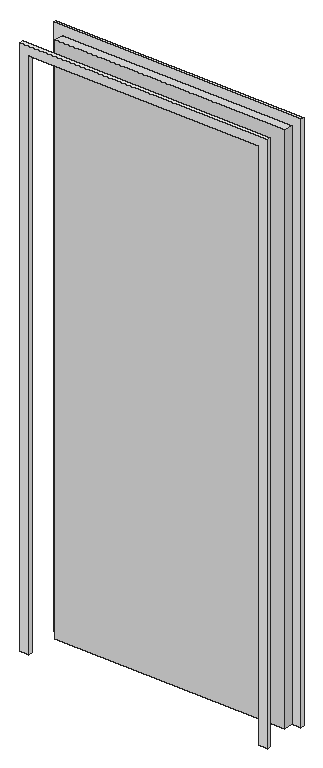
Revit family "Porta_Simples", category Doors, host Wall, Revit 2020
Family settings
  Host = Wall
  OmniClass Number = 23.30.10.00
  OmniClass Title = Doors
  Always vertical = Yes
  Cut with Voids When Loaded = No
  Shared = No
  Room Calculation Point = Yes
Parameters (values of type "POR_090x210_SIM_BOX_CEG_PNE")
  Thickness = 35.00 mm
  Function = Interior
  Door Material = Folha Porta
  Frame Material = Marco Porta
  Height = 2100.00 mm
  Trim Projection Ext = 12.50 mm
  Trim Projection Int = 12.50 mm
  Trim Width = 35.00 mm
  Wall Closure = By host
  Width = 900.00 mm
  Define Thermal Properties by = Schematic Type
  Analytic Construction = "<None>"
Types (12, lengths in mm): name | Thickness | Door Material | Frame Material | Trim Projection Ext | Trim Projection Int | Trim Width | Width
  POR_090x210_SIM_BOX_CEG_PNE | 35.00 | Folha Porta | Marco Porta | 12.50 | 12.50 | 35.00 | 900.00
  POR_110x210_SIM_INT_CEG | 51.00 | CT_Porta_Folha | CT_Porta_Marco | 12.50 | 12.50 | 35.00 | 1100.00
  POR_030x210_SIM_CEG | 35.00 | Folha Porta | Marco Porta | 10.00 | 10.00 | 30.00 | 300.00
  POR_090x210_SIM_INT_CEG | 35.00 | Folha Porta | Marco Porta | 12.50 | 12.50 | 35.00 | 900.00
  POR_040x210_SIM_CEG | 35.00 | Folha Porta | Marco Porta | 10.00 | 10.00 | 30.00 | 400.00
  POR_200x210_SIM_INT_CEG | 35.00 | Folha Porta | Marco Porta | 12.50 | 12.50 | 35.00 | 2000.00
  POR_150x210_SIM_INT_CEG | 35.00 | Folha Porta | Marco Porta | 12.50 | 12.50 | 35.00 | 1500.00
  POR_100x210_SIM_INT_CEG | 51.00 | CT_Porta_Folha | CT_Porta_Marco | 12.50 | 12.50 | 35.00 | 1000.00
  POR_120x210_SIM_INT_CEG | 35.00 | Folha Porta | Marco Porta | 12.50 | 12.50 | 35.00 | 1200.00
  POR_080x210_SIM_INT_CEG | 35.00 | CT_Porta_Folha | CT_Porta_Marco | 12.50 | 12.50 | 35.00 | 800.00
  POR_060x210_SIM_BOX_CEG | 35.00 | Folha Porta | Marco Porta | 12.50 | 12.50 | 35.00 | 600.00
  POR_070x210_SIM_INT_CEG | 35.00 | Folha Porta | Marco Porta | 12.50 | 12.50 | 35.00 | 700.00
Reference planes
  plane 1: y = 0
  plane 2: z = 0
  plane 3: x = 0
  plane 4: x = -450
  plane 5: x = 450
  plane 6: z = 2100
Forms (mm)
  Extrusion 1, solid, material "Folha Porta" <- "Door Material"
    sketch origin (0, 0, 0) x (1, 0, 0) y (0, 0, 1)
      loop
        line (-450, 2100) -> (-450, 0) -> (450, 0) -> (450, 2100) -> (-450, 2100)
    from -76.2 to -41.2
  Extrusion 2, solid, material "Marco Porta" <- "Frame Material"
    sketch origin (-1524, -76.2, 0) x (1, 0, 0) y (0, 0, 1)
      loop
        line (1039, 2135) -> (1039, 0) -> (1074, 0) -> (1074, 2100) -> (1974, 2100) -> (1974, 0) -> (2009, 0) -> (2009, 2135) -> (1039, 2135)
    from 0 to 12.5
  Extrusion 3, solid, material "Marco Porta" <- "Frame Material"
    sketch origin (-1524, 76.2, 0) x (-1, 0, 0) y (0, 0, 1)
      loop
        line (-2009, 2135) -> (-2009, 0) -> (-1974, 0) -> (-1974, 2100) -> (-1074, 2100) -> (-1074, 0) -> (-1039, 0) -> (-1039, 2135) -> (-2009, 2135)
    from 0 to 12.5
Lines and regions (mm)
  Opening 1
    outline origin (-1524, -76.2, 3657.6) x (0, 0, -1) y (1, 0, 0)
      loop
        line (1557.6, 1074) -> (3657.6, 1074) -> (3657.6, 1974) -> (1557.6, 1974) -> (1557.6, 1074)
  symbolic lines, style "DoorsPanelProjection"
    curve 1: line (450, 76.2, 0) -> (415, 76.2, 0)
    curve 2: line (450, 76.2, 0) -> (450, 977.212, 0)
    curve 3: line (450, 977.212, 0) -> (415, 977.212, 0)
    curve 4: line (415, 76.2, 0) -> (415, 977.212, 0)
  model lines, style "DoorsFrameMullionProjection"
    curve 5: line (-485, -76.2, 0) -> (-485, -76.2, 2135)
    curve 6: line (-485, -76.2, 2135) -> (485, -76.2, 2135)
    curve 7: line (485, -76.2, 2135) -> (485, -76.2, 0)
    curve 8: line (485, 76.2, 0) -> (485, 76.2, 2135)
    curve 9: line (-485, 76.2, 2135) -> (485, 76.2, 2135)
    curve 10: line (-485, 76.2, 2135) -> (-485, 76.2, 0)
  symbolic lines, style "Plan Swing"
    curve 11: arc (415, 977.212, 0) -> (-199.849, 701.295, 0) -> (-451.691, 76.2, 0) r 901.691
Dimensions and locks
  equal spacing: plane 4, plane 3, plane 5
  "Width": plane 4 to plane 5
  locked: host wall to curve 1
  control icon elem to plane 5 = 254.408 mm
  "Height": plane 6 to plane 2
  "Trim Width": plane 4 to curve 5
  "Trim Width": plane 5 to curve 7
  "Trim Width": plane 6 to curve 6
  locked: curve 9 to host wall
  "Trim Projection Ext": Extrusion 3 to host wall
  "Trim Projection Int": Extrusion 2 to host wall
  "Thickness": curve 4 to plane 5
  "Thickness": Extrusion 1 to host wall
  plane 6 to level = 2100.00 mm
  aligned and locked: host wall to Extrusion 1
  aligned and locked: plane 2 to curve 5
  aligned and locked: curve 7 to level
  aligned and locked: curve 8 to curve 7
  aligned and locked: curve 6 to Extrusion 2 sketch curve
  aligned and locked: Extrusion 2 sketch curve to curve 5
  aligned and locked: Extrusion 2 sketch curve to curve 7
  aligned and locked: Extrusion 2 to Extrusion 3 sketch curve
  aligned and locked: Extrusion 3 sketch curve to Extrusion 2  (x2)
Automatic sketch dimensions
  Opening 1 sketch curve to plane 6 = 0.00 mm
  Opening 1 sketch curve to level = 0.00 mm
  Opening 1 sketch curve to plane 4 = 0.00 mm
  Opening 1 sketch curve to plane 5 = 0.00 mm
  Extrusion 1 sketch curve to plane 4 = 0.00 mm
  Extrusion 1 sketch curve to plane 5 = 0.00 mm
  Extrusion 1 sketch curve to level = 0.00 mm
  Extrusion 1 sketch curve to plane 6 = 0.00 mm
  Extrusion 2 sketch curve to level = 0.00 mm  (x2)
  Extrusion 2 sketch curve to plane 4 = 0.00 mm
  Extrusion 2 sketch curve to plane 5 = 0.00 mm
  Extrusion 2 sketch curve to plane 6 = 0.00 mm
  Extrusion 3 sketch curve to level = 0.00 mm  (x2)
  Extrusion 3 sketch curve to plane 5 = 0.00 mm
  Extrusion 3 sketch curve to plane 4 = 0.00 mm
  Extrusion 3 sketch curve to plane 6 = 0.00 mm
  curve 1 to plane 5 = 0.00 mm
  curve 11 to plane 5 = 0.00 mm
  plane 4 to curve 11 = 1.691 mm
  curve 11 to host wall = 0.00 mm
  curve 10 to level = 0.00 mm
  curve 8 to level = 0.00 mm
  curve 9 to curve 5 = 0.00 mm
  curve 10 to curve 5 = 0.00 mm
